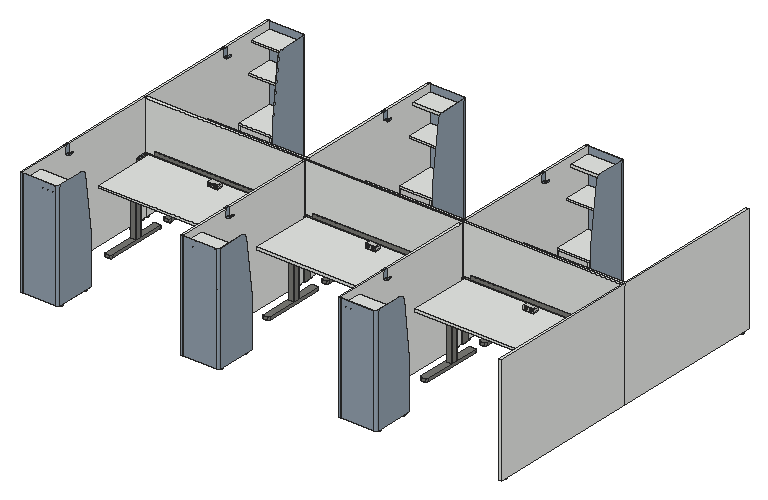
Revit family "Layout-Teknion-Expansion_Cityline_Height_Adjustable_Workstation_10-R2021", category Furniture Systems, Revit 2021 (continued)
Definition of nested family "Screen-Teknion-JNSFST_Floor_Screen_Leg_Mounted_Two_Users-R2020"
  Parameters (values of type "42" Datum Height, No Pass-Through")
    Screen Finish [instance] = none
    Radius Corner [instance] = no
    Product Page URL = "https://www.teknion.com/ca/products/product-details?productLineId=9ad2a26e-8e7a-673b-a6c8-ff05004460c4"
    Product Line = "Leg-Mounted Screens"  # constant formula
    Product Documentation Link = "https://www.teknion.com/pricing/expansion-cityline/pdfs/JNSFST_ppg.pdf"
    Part Number = "JNSFST"  # constant formula
    Model = "JNSFST42__N"
    Manufacturer Phone = "416-661-3370"  # constant formula
    Manufacturer Fax = "416.661.4586"  # constant formula
    Manufacturer Contact Information = "http://www.teknion.com/ca/contactus"
    Manufacturer Address = "1150 Flint Road, Toronto, ON. M3J 2J5. Canada"  # constant formula
    Manufacturer = "Teknion"  # constant formula
    How To Use Teknion Materials User Guide [instance] = "https://assets.teknion.com/m/205dd0a49fa58060/original/How-to-add-a-Material-Library-and-Texture-Images-to-your-Revit-project.pdf"
    Hardware Finish [instance] = none
    For Additional Finishes please visit [instance] = "https://assets.teknion.com/m/44a8009b046e5d47/original/Teknion_Materials_Library.zip"
    Description = "Floor Screen - Leg-Mounted - Two Users - 42\" Datum Height, No Pass-Through"
    Default Elevation = 0.000"
    Datum Height = 42.000"
    Cut-Out - Pass-Through = if([Standard-Height Pass-Through], 3.500", 0.500")  # 0.500"
    Corner Detail Option [instance] = "Select Corner Detail Option. Standard Corner is Default."  # constant formula
    Available Width [instance] = "36, 48, 60, 72, 84, 96, 108, 120, 132, 144, 156 & 168 Inch"  # constant formula
    Assembly Code = "E2020200"
  Types (7): name | Standard-Height Pass-Through | Model | Description | Datum Height | Cut-Out - Pass-Through
    (no name) | no | "JNSFST42__N" | "Floor Screen - Leg-Mounted - Two Users - 42\" Datum Height, No Pass-Through" | 42.000" | 0.500"
    42" Datum Height, No Pass-Through | no | "JNSFST42__N" | "Floor Screen - Leg-Mounted - Two Users - 42\" Datum Height, No Pass-Through" | 42.000" | 0.500"
    42" Datum Height, Standard-Height Pass-Through | yes | "JNSFST42__S" | "Floor Screen - Leg-Mounted - Two Users - 42\" Datum Height, Standard-Height Pass-Through" | 42.000" | 3.500"
    51" Datum Height, Standard-Height Pass-Through | yes | "JNSFST51__S" | "Floor Screen - Leg-Mounted - Two Users - 51\" Datum Height, Standard-Height Pass-Through" | 51.000" | 3.500"
    51" Datum Height, No Pass-Through | no | "JNSFST51__N" | "Floor Screen - Leg-Mounted - Two Users - 51\" Datum Height, No Pass-Through" | 51.000" | 0.500"
    57" Datum Height, No Pass-Through | no | "JNSFST57__N" | "Floor Screen - Leg-Mounted - Two Users - 57\" Datum Height, No Pass-Through" | 57.000" | 0.500"
    57" Datum Height, Standard-Height Pass-Through | yes | "JNSFST57__S" | "Floor Screen - Leg-Mounted - Two Users - 57\" Datum Height, Standard-Height Pass-Through" | 57.000" | 3.500"
  Reference planes (in)
    plane 1 "Center Front/Back": y = -0.21063
    plane 2: z = 0
    plane 3 "Center Left/Right": x = 0
    plane 4 "Left": x = -84
    plane 5 "Right": x = 84
    plane 6 "Back": y = 1.01575
    plane 7 "Front": y = -1.43701
    plane 8 "Top": z = 42
    plane 9: z = 0.60236
  Forms (in)
    Sweep 1, solid, material <- "Screen Finish", visible <- "Radius Corner"
      path origin (0, 0, 0) x (1, 0, 0) y (0, 1, 0)
        loop
          line (0, 1.01575) -> (0, 0)
      profile origin (0, 0.50787, 0) x (1, 0, 0) y (0, 0, 1)
        loop
          arc (-82, 42) -> (-83.41421, 41.41421) -> (-84, 40) r 2
          line (-84, 40) -> (-84, 2.60236)
          arc (-84, 2.60236) -> (-83.41421, 1.18815) -> (-82, 0.60236) r 2
          line (-82, 0.60236) -> (0, 0.60236) -> (0, 42) -> (-82, 42)
    Sweep 2, solid, material <- "Screen Finish", visible <- "Radius Corner"
      path origin (0, 0, 0) x (1, 0, 0) y (0, 1, 0)
        loop
          line (0, 1.01575) -> (0, 0)
      profile origin (0, 0.50787, 0) x (1, 0, 0) y (0, 0, 1)
        loop
          arc (84, 40) -> (83.41421, 41.41421) -> (82, 42) r 2
          line (82, 42) -> (0, 42) -> (0, 0.60236) -> (82, 0.60236)
          arc (82, 0.60236) -> (83.41421, 1.18815) -> (84, 2.60236) r 2
          line (84, 2.60236) -> (84, 40)
    Sweep 3, solid
      path origin (0, -0.21063, 0) x (1, 0, 0) y (0, 0, 1)
        loop
          line (0, 0.60236) -> (0, 0)
      profile origin (0, -0.21063, 0.30118) x (0, -1, 0) y (1, 0, 0)
        loop
          circle (-0.7185, 81) r 0.5
        loop
          circle (-0.7185, -81) r 0.5
    Sweep 4, void
      path origin (0, 0, 0) x (1, 0, 0) y (0, 1, 0)
        loop
          line (0, -1.43701) -> (0, -0.93701)
      profile origin (0, -1.18701, 0) x (-1, 0, 0) y (0, 0, 1)
        loop
          arc (0.81496, 16.88583) -> (0.93027, 16.60744) -> (1.20866, 16.49213) r 0.3937
          line (1.20866, 16.49213) -> (3.05906, 16.49213)
          arc (3.05906, 16.49213) -> (3.33744, 16.60744) -> (3.45276, 16.88583) r 0.3937
          line (3.45276, 16.88583) -> (3.45276, 22.41732)
          arc (3.45276, 22.41732) -> (3.33744, 22.69571) -> (3.05906, 22.81102) r 0.3937
          line (3.05906, 22.81102) -> (1.20866, 22.81102)
          arc (1.20866, 22.81102) -> (0.93027, 22.69571) -> (0.81496, 22.41732) r 0.3937
          line (0.81496, 22.41732) -> (0.81496, 16.88583)
    Sweep 5, solid, material <- "Screen Finish", visible <- "Standard Corner"
      path origin (0, 0, 0) x (1, 0, 0) y (0, 1, 0)
        loop
          line (0, 1.01575) -> (0, 0)
      profile origin (0, 0.50787, 0) x (1, 0, 0) y (0, 0, 1)
        loop
          line (-84, 42) -> (-84, 0.60236) -> (0, 0.60236) -> (0, 42) -> (-84, 42)
    Sweep 6, solid, material <- "Screen Finish", visible <- "Standard Corner"
      path origin (0, 0, 0) x (1, 0, 0) y (0, 1, 0)
        loop
          line (0, 1.01575) -> (0, 0)
      profile origin (0, 0.50787, 0) x (1, 0, 0) y (0, 0, 1)
        loop
          line (0, 42) -> (0, 0.60236) -> (84, 0.60236) -> (84, 42) -> (0, 42)
    Sweep 7, solid, visible <- "Standard-Height Pass-Through"
      path origin (-64.19161, 1.01575, 48) x (-1, 0, 0) y (0, 0, 1)
        loop
          arc (-61.13255, -31.50787) -> (-60.85416, -31.39256) -> (-60.73885, -31.11417) r 0.3937
          line (-60.73885, -31.11417) -> (-60.73885, -25.58268)
          arc (-60.73885, -25.58268) -> (-60.85416, -25.30429) -> (-61.13255, -25.18898) r 0.3937
          line (-61.13255, -25.18898) -> (-62.98294, -25.18898)
          arc (-62.98294, -25.18898) -> (-63.26133, -25.30429) -> (-63.37664, -25.58268) r 0.3937
          line (-63.37664, -25.58268) -> (-63.37664, -31.11417)
          arc (-63.37664, -31.11417) -> (-63.26133, -31.39256) -> (-62.98294, -31.50787) r 0.3937
          line (-62.98294, -31.50787) -> (-61.13255, -31.50787)
      profile origin (-2.13386, 1.01575, 16.49213) x (0, 0, -1) y (0, 1, 0)
        loop
          line (-0.22524, -1.05512) -> (-0.02953, -1.05512)
          arc (-0.02953, -1.05512) -> (0.01449, -1.04473) -> (0.04921, -1.01575) r 0.09843
          line (0.04921, -1.01575) -> (-0.06024, -1.01575) -> (-0.06024, 0) -> (0.04921, 0)
          arc (0.04921, 0) -> (0.01449, 0.02898) -> (-0.02953, 0.03937) r 0.09843
          line (-0.02953, 0.03937) -> (-0.22524, 0.03937) -> (-0.22524, -1.05512)
    Sweep 8, solid, material <- "Hardware Finish"
      path origin (0, 0, 0) x (1, 0, 0) y (0, 1, 0)
        loop
          line (-5.16929, -0.21063) -> (5.16929, -0.21063)
      profile origin (0, -0.21063, 0) x (0, 1, 0) y (0, 0, 1)
        loop
          line (-1.22638, 27.76811) -> (-1.22638, 27.69291) -> (0.13543, 27.69291) -> (0.13543, 22.73228) -> (-1.04921, 22.73228) -> (-1.04921, 22.65709) -> (0.21063, 22.65709) -> (0.21063, 27.76811) -> (-1.22638, 27.76811)
    Sweep 9, void
      path origin (0, -0.21063, 0) x (1, 0, 0) y (0, 0, 1)
        loop
          line (0, 28.19291) -> (0, 27.69291)
      profile origin (0, -0.21063, 27.94291) x (0, -1, 0) y (1, 0, 0)
        loop
          line (-0.21063, -3.83071) -> (1.22638, -3.83071) -> (1.22638, 3.83071) -> (-0.21063, 3.83071) -> (-0.21063, -3.83071)
    Sweep 10, void
      path origin (0, -0.21063, 0) x (1, 0, 0) y (0, 0, 1)
        loop
          line (0, 22.73228) -> (0, 22.23228)
      profile origin (0, -0.21063, 22.48228) x (0, -1, 0) y (1, 0, 0)
        loop
          line (1.04921, -3.14961) -> (-0.21063, -3.14961) -> (-0.21063, -5.16929) -> (1.04921, -5.16929) -> (1.04921, -3.14961)
        loop
          line (-0.21063, 3.14961) -> (1.04921, 3.14961) -> (1.04921, 5.16929) -> (-0.21063, 5.16929) -> (-0.21063, 3.14961)
  Cuts and joins
    Sweep 4 cuts Sweep 1
    Sweep 4 cuts Sweep 5
    Sweep 9, Sweep 10 cuts Sweep 8
  Lines and regions (in)
    Masking region 1
      outline origin (0, 0, 0) x (1, 0, 0) y (0, 1, 0)
        loop
          line (-84, 1.01575) -> (-84, 0) -> (-5.16929, 0) -> (-5.16929, -1.43701) -> (-3.83071, -1.43701) -> (-3.83071, -0.0752) -> (-3.14961, -0.0752) -> (-3.14961, -1.25984) -> (3.14961, -1.25984) -> (3.14961, -0.0752) -> (3.83071, -0.0752) -> (3.83071, -1.43701) -> (5.16929, -1.43701) -> (5.16929, 0) -> (84, 0) -> (84, 1.01575) -> (0, 1.01575) -> (-84, 1.01575)
    Masking region 2, visible <- "Standard-Height Pass-Through"
      outline origin (0, 0, 0) x (1, 0, 0) y (0, 1, 0)
        loop
          line (-0.84449, 1.05512) -> (-3.42323, 1.05512)
          arc (-3.42323, 1.05512) -> (-3.46725, 1.04473) -> (-3.50197, 1.01575) r 0.09843
          line (-3.50197, 1.01575) -> (-0.76575, 1.01575)
          arc (-0.76575, 1.01575) -> (-0.80047, 1.04473) -> (-0.84449, 1.05512) r 0.09843
    symbolic lines
      curve 1: line (-84, 0, 0) -> (0, 0, 0)
      curve 2: line (0, 1.01575, 0) -> (0, 0, 0)
      curve 3: line (0, 0, 0) -> (84, 0, 0)
      curve 4: line (-3.83071, 0, 0) -> (-3.83071, -1.43701, 0)
      curve 5: line (3.83071, -1.43701, 0) -> (3.83071, 0, 0)
      curve 6: line (-3.83071, -0.0752, 0) -> (3.83071, -0.0752, 0)
    symbolic lines, detail levels medium+fine
      curve 7: line (-3.83071, -0.0752, 0) -> (-5.16929, -0.0752, 0)
      curve 8: line (3.83071, -0.0752, 0) -> (5.16929, -0.0752, 0)
      curve 9: line (3.14961, 0, 0) -> (3.14961, -0.0752, 0)
      curve 10: line (-3.14961, 0, 0) -> (-3.14961, -0.0752, 0)
    symbolic lines, detail levels fine
      curve 11: arc (-81, 0.00787, 0) -> (-80.5, 0.50787, 0) -> (-81, 1.00787, 0) r 0.5
      curve 12: arc (-81, 1.00787, 0) -> (-81.5, 0.50787, 0) -> (-81, 0.00787, 0) r 0.5
      curve 13: arc (81, 0.00787, 0) -> (81.5, 0.50787, 0) -> (81, 1.00787, 0) r 0.5
      curve 14: arc (81, 1.00787, 0) -> (80.5, 0.50787, 0) -> (81, 0.00787, 0) r 0.5
    symbolic lines, visible <- "Standard-Height Pass-Through", detail levels medium+fine
      curve 15: line (-3.42323, -0.03937, 0) -> (-0.84449, -0.03937, 0)
      curve 16: line (-3.22752, 1.05512, 0) -> (-3.22752, -0.03937, 0)
      curve 17: line (-3.39252, 1.01575, 0) -> (-3.39252, 0.01575, 0)
      curve 18: line (-1.0402, 1.05512, 0) -> (-1.0402, -0.03937, 0)
      curve 19: line (-0.8752, 1.01575, 0) -> (-0.8752, 0, 0)
      curve 20: arc (-3.42323, -0.03937, 0) -> (-3.46725, -0.02898, 0) -> (-3.50197, 0, 0) r 0.09843
      curve 21: arc (-0.76575, 0, 0) -> (-0.80047, -0.02898, 0) -> (-0.84449, -0.03937, 0) r 0.09843
    symbolic lines, visible <- "Standard-Height Pass-Through", detail levels fine
      curve 22: line (-0.67066, 1.01575, 0) -> (-0.67066, 0, 0)
      curve 23: line (-3.618, 1.01575, 0) -> (-3.618, 0, 0)
    reference lines
      curve 24: line (-84, -1.43701, 0) -> (84, -1.43701, 0)
      curve 25: line (-84, 1.01575, 0) -> (84, 1.01575, 0)
      curve 26: line (84, 1.01575, 0) -> (84, -1.43701, 0)
      curve 27: line (-84, 1.01575, 0) -> (-84, -1.43701, 0)
  Dimensions and locks (in)
    "Width": plane 4 "Left" to plane 5 "Right"
    locked: plane 6 "Back" to plane 7 "Front" at 2.45276
    "Datum Height": plane 8 "Top" to level
    equal spacing: plane 7 "Front", plane 1 "Center Front/Back", plane 6 "Back"
    equal spacing: plane 4 "Left", plane 3 "Center Left/Right", plane 5 "Right"
    locked: plane 9 to plane 2 at 0.60236
    locked: plane 6 "Back" to Sweep 1 sketch curve at 1.01575
    locked: Sweep 1 sketch curve to plane 4 "Left" at 2  (x2)
    locked: plane 8 "Top" to Sweep 1 sketch curve at 2
    locked: Sweep 1 sketch curve to plane 9 at 2
    locked: plane 6 "Back" to Sweep 2 sketch curve at 1.01575
    locked: plane 8 "Top" to Sweep 2 sketch curve at 2
    locked: Sweep 2 sketch curve to plane 9 at 2
    locked: Sweep 2 sketch curve to plane 5 "Right" at 2  (x2)
    locked: plane 4 "Left" to Sweep 3 sketch curve at 3
    locked: plane 6 "Back" to Sweep 3 sketch curve at 0.50787  (x2)
    locked: Sweep 3 sketch curve to plane 5 "Right" at 3
    "Cut-Out - Pass-Through": plane 7 "Front" to Sweep 4 sketch curve
    plane 3 "Center Left/Right" to Sweep 4 sketch curve to Sweep 4 sketch curve = 0.81496" locked, 2.6378" locked
    Sweep 4 sketch curve to Sweep 4 sketch curve to plane 2 = 6.3189" locked, 16.49213" locked
    locked: plane 6 "Back" to Sweep 5 sketch curve at 1.01575
    locked: plane 6 "Back" to Sweep 6 sketch curve at 1.01575
    Sweep 7 sketch curve to plane 6 "Back" to Sweep 7 sketch curve to Sweep 7 sketch curve = 0.03937" locked, 1.01575" locked, 0.03937" locked
    Sweep 7 sketch curve to Sweep 7 sketch curve to Sweep 7 sketch curve to Sweep 7 sketch curve to plane 2 = 0.165" locked, 0.03071" locked, 0.07874" locked, 16.44291" locked
    Sweep 7 sketch curve to Sweep 7 sketch curve to Sweep 7 sketch curve = 0.19571" locked, 0.07874" locked
    Sweep 8 sketch curve to plane 3 "Center Left/Right" to Sweep 8 sketch curve = 5.16929" locked, 5.16929" locked
    Sweep 8 sketch curve to Sweep 8 sketch curve to Sweep 8 sketch curve to plane 7 "Front" = 0.0752" locked, 1.18465" locked, 0.17717" locked
    Sweep 8 sketch curve to Sweep 8 sketch curve to Sweep 8 sketch curve to Sweep 8 sketch curve to plane 2 = 0.0752" locked, 4.96063" locked, 0.0752" locked, 22.65709" locked
    locked: plane 7 "Front" to Sweep 9 sketch curve at 1.43701
    Sweep 9 sketch curve to plane 3 "Center Left/Right" to Sweep 9 sketch curve = 3.83071" locked, 3.83071" locked
    Sweep 9 sketch curve to Sweep 9 sketch curve to plane 2 = 0.500" locked, 27.69291" locked
    Sweep 10 sketch curve to Sweep 10 sketch curve to plane 2 = 0.500" locked, 22.23228" locked
    Sweep 10 sketch curve to Sweep 10 sketch curve to plane 3 "Center Left/Right" to Sweep 10 sketch curve to Sweep 10 sketch curve = 2.01969" locked, 3.14961" locked, 3.14961" locked, 2.01969" locked
    plane 7 "Front" to Sweep 10 sketch curve to Sweep 10 sketch curve = 0.17717" locked, 1.25984" locked  (x2)
    Masking region 2 sketch curve to Masking region 2 sketch curve to Masking region 2 sketch curve to Masking region 2 sketch curve to plane 3 "Center Left/Right" = 0.07874" locked, 2.57874" locked, 0.07874" locked, 0.76575" locked
    locked: plane 6 "Back" to nested 1 at 0.50787
    locked: plane 6 "Back" to nested 2 at 0.50787
    equal spacing: plane 4 "Left", nested 1, plane 3 "Center Left/Right"
    equal spacing: plane 3 "Center Left/Right", nested 2, plane 5 "Right"
    aligned and locked: level to plane 2
    aligned and locked: plane 6 "Back" to Sweep 1 sketch curve
    aligned and locked: Sweep 1 sketch curve to plane 3 "Center Left/Right"  (x2)
    aligned and locked: Sweep 1 sketch curve to plane 8 "Top"
    aligned and locked: plane 4 "Left" to Sweep 1 sketch curve
    aligned and locked: Sweep 2 sketch curve to plane 3 "Center Left/Right"  (x2)
    aligned and locked: plane 6 "Back" to Sweep 2 sketch curve
    aligned and locked: Sweep 2 sketch curve to plane 8 "Top"
    aligned and locked: plane 5 "Right" to Sweep 2 sketch curve
    aligned and locked: plane 9 to Sweep 2 sketch curve
    aligned and locked: plane 9 to Sweep 3 sketch curve
    aligned and locked: plane 2 to Sweep 3 sketch curve
    aligned and locked: Sweep 3 sketch curve to plane 3 "Center Left/Right"
    aligned and locked: Sweep 4 sketch curve to plane 3 "Center Left/Right"
    aligned and locked: plane 7 "Front" to Sweep 4 sketch curve
    aligned and locked: Sweep 5 sketch curve to plane 3 "Center Left/Right"  (x2)
    aligned and locked: plane 6 "Back" to Sweep 5 sketch curve
    aligned and locked: Sweep 5 sketch curve to plane 9
    aligned and locked: plane 4 "Left" to Sweep 5 sketch curve
    aligned and locked: Sweep 5 sketch curve to plane 8 "Top"
    aligned and locked: Sweep 6 sketch curve to plane 3 "Center Left/Right"  (x2)
    aligned and locked: plane 6 "Back" to Sweep 6 sketch curve
    aligned and locked: Sweep 6 sketch curve to plane 8 "Top"
    aligned and locked: Sweep 6 sketch curve to plane 9
    aligned and locked: plane 5 "Right" to Sweep 6 sketch curve
    aligned and locked: Sweep 7 sketch curve to cut or joined group of Sweep 4, Sweep 5  (x4)
    aligned and locked: plane 6 "Back" to Sweep 7 sketch curve
    aligned and locked: plane 1 "Center Front/Back" to Sweep 8 sketch curve
    aligned and locked: Sweep 8 sketch curve to plane 7 "Front"
    aligned and locked: Sweep 9 sketch curve to plane 3 "Center Left/Right"
    aligned and locked: Sweep 9 sketch curve to plane 7 "Front"
    aligned and locked: Sweep 10 sketch curve to plane 3 "Center Left/Right"
    aligned and locked: Masking region 1 sketch curve to cut or joined group of Sweep 4, Sweep 5  (x3)
    aligned and locked: Masking region 1 sketch curve to Sweep 6  (x2)
    aligned and locked: Masking region 1 sketch curve to cut or joined group of Sweep 8, Sweep 9, Sweep 10  (x7)
    aligned and locked: cut or joined group of Sweep 8, Sweep 9, Sweep 10 to Masking region 1 sketch curve  (x4)
    aligned and locked: Sweep 6 to Masking region 1 sketch curve
    aligned and locked: curve 2 to Sweep 6
    aligned and locked: curve 3 to Sweep 6
    aligned and locked: curve 5 to cut or joined group of Sweep 8, Sweep 9, Sweep 10
    aligned and locked: cut or joined group of Sweep 8, Sweep 9, Sweep 10 to curve 6
    aligned and locked: cut or joined group of Sweep 8, Sweep 9, Sweep 10 to curve 8
    aligned and locked: curve 7 to cut or joined group of Sweep 8, Sweep 9, Sweep 10
    aligned and locked: curve 9 to Masking region 1
    aligned and locked: curve 10 to Masking region 1
    aligned and locked: curve 11 to Sweep 3
    aligned and locked: curve 12 to Sweep 3
    aligned and locked: curve 13 to Sweep 3
    aligned and locked: curve 14 to Sweep 3
    aligned and locked: Masking region 2 sketch curve to Sweep 7  (x2)
    aligned and locked: curve 15 to Sweep 7
    aligned and locked: curve 17 to Sweep 7
    aligned and locked: curve 16 to Sweep 7
    aligned and locked: curve 19 to Sweep 7
    aligned and locked: curve 18 to Sweep 7
    aligned and locked: curve 24 to plane 7 "Front"
    aligned and locked: curve 25 to plane 6 "Back"
    aligned and locked: curve 26 to plane 5 "Right"
    aligned and locked: curve 27 to plane 4 "Left"
  Automatic sketch dimensions
    Sweep 4 sketch curve to Sweep 4 sketch curve = 0.3937"  (x4)
    Masking region 1 sketch curve to plane 3 "Center Left/Right" = 0.000"
    curve 1 to plane 4 "Left" = 0.000"
    plane 7 "Front" to curve 4 = 0.000"
    curve 23 to plane 6 "Back" = 0.000"
    curve 22 to plane 6 "Back" = 0.000"
    curve 3 to plane 5 "Right" = 0.000"
    plane 7 "Front" to curve 5 = 0.000"
    curve 17 to plane 6 "Back" = 0.000"
    curve 2 to plane 6 "Back" = 0.000"
    curve 19 to plane 6 "Back" = 0.000"
    curve 20 to curve 17 = 0.03071"
    curve 19 to curve 15 = 0.03071"
    curve 19 to curve 21 = 0.05906"
    curve 20 to curve 20 = 0.09843"
    curve 11 to curve 11 = 0.000"
    curve 12 to curve 11 = 0.000"
    curve 7 to curve 20 = 1.66732"
    curve 4 to curve 15 = 0.40748"
    curve 6 to curve 8 = 1.33858"
    curve 13 to curve 13 = 0.000"  (x2)
    curve 17 to curve 20 = 0.04331"
    plane 6 "Back" to curve 16 = 0.03937"
    plane 6 "Back" to curve 18 = 0.03937"
    curve 23 to curve 17 = 0.22548"
    curve 19 to curve 22 = 0.20454"
    radius of Sweep 3 sketch curve = 0.500"  (x2)
  Nested families (in)
    nested 1: "Teknion_2D_Node_Family-R2016" at (-42, 0.50787, 0), type "Teknion_2D_Node_Family-R2016"
    nested 2: "Teknion_2D_Node_Family-R2016" at (42, 0.50787, 0), type "Teknion_2D_Node_Family-R2016"
  Definition of nested family "Teknion_2D_Node_Family-R2016"
    Reference planes (in)
      plane 1 "Center (Front/Back)": y = 0
      plane 2: z = 0
      plane 3 "Center (Left/Right)": x = 0
    Lines and regions (in)
      detail lines, in view "Ref. Level"
        curve 1: circle (0, 0, 0) r 1.25 normal (0, 0, 1)
        curve 2: line (1.91508, -1.91508, 0) -> (-1.91508, 1.91508, 0)
        curve 3: line (-1.91508, -1.91508, 0) -> (1.91508, 1.91508, 0)
Definition of nested family "Support-Teknion-JNXRMH_hiSpace_Quick_Connect_Height_Adjustable_Mechanism_Rectangular-R2021"
  Parameters (values of type "Extended Electric – with Riser, 23" Depth, Standard Width Configuration")
    Width Configuration Length = if(User Optimized Width, 1.680", 4.680")  # 4.680"
    Width [instance] = 70.000"
    Warranty = "http://www.teknion.com/ca/papers/legal-canada"
    User Optimized Width = no
    Unit Weight URL = "http://www.teknion.com/ca/tools/assets#&asset=bee6a381-b954-425e-8283-5a2de3a804f2,f828d448-4b62-4231-9e5f-9a8991c0ed77"
    URL = "www.teknion.com"
    To render please download texture images found here [instance] = "https://assets.teknion.com/web/5e81352c1dfdb467/revit-material-swatches/"
    Sustainability Data = "https://www.teknion.com/ca/tools/assets#&topic=216f99a5-57a0-44fc-b10a-9dee9b29ae4c&asset=444deb64-fe58-4b68-981e-f75e97781df7,b4ff2d81-9f2e-437d-9659-7cffb09c31cf"
    Standard Width = yes
    Series = "Expansion Cityline"  # constant formula
    Product Page URL = "https://www.teknion.com/ca/products/product-details?productLineId=9ad2a26e-8e7a-673b-a6c8-ff05004460c4"
    Product Line = "Height-Adjustability"  # constant formula
    Product Documentation Link = "https://www.teknion.com/pricing/expansion-cityline/pdfs/JNXRMH_ppg.pdf"
    Powerbar [instance] = yes
    Part Number = "JNXRMH"  # constant formula
    Model = "JNXRMHCC9U23__S"
    Manufacturer Phone = "416-661-3370"  # constant formula
    Manufacturer Fax = "416.661.4586"  # constant formula
    Manufacturer Contact Information = "http://www.teknion.com/ca/contactus"
    Manufacturer Address = "1150 Flint Road, Toronto, ON. M3J 2J5. Canada"  # constant formula
    Manufacturer = "Teknion"  # constant formula
    How To Use Teknion Materials User Guide [instance] = "https://assets.teknion.com/m/205dd0a49fa58060/original/How-to-add-a-Material-Library-and-Texture-Images-to-your-Revit-project.pdf"
    For Additional Finishes please visit [instance] = "https://assets.teknion.com/m/44a8009b046e5d47/original/Teknion_Materials_Library.zip"
    Description = "hiSpace Quick Connect Height-Adjustable Mechanism – Rectangular, Extended Electric – with Rise, 23\" Depth, Standard Width Configuration"
    Depth = 23.000"
    Default Elevation = 0.000"
    Base Mechanism(Height) [instance] = 27.811"
    Base Finish [instance] = none
    Available Width [instance] = "46,49,52,55,58,61,64,67,70 inch"  # constant formula
    Available Base Mechanism(Height) [instance] = "25 -51.1  inches"
    Assembly Code = "E2020200"
  Types (9): name | Width Configuration Length | Width | User Optimized Width | Standard Width | Model | Description | Depth | Available Base Mechanism(Height)
    (no name) | 4.680" | 70.000" | no | yes | "JNXRMHCC9U23__S" | "hiSpace Quick Connect Height-Adjustable Mechanism – Rectangular, Extended Electric – with Rise, 23\" Depth, Standard Width Configuration" | 23.000" | "25 -51.1  inches"
    Extended Electric – Extended, 23" Depth, Standard Width Configuration | 4.680" | 46.000" | no | yes | "JNXRMHCC9E23__S" | "hiSpace Quick Connect Height-Adjustable Mechanism – Rectangular, Extended Electric – Extended, 23\" Depth, Standard Width Configuration" | 23.000" | "22.6 -48.7 inches"
    Extended Electric – Extended, 29" Depth, Standard Width Configuration | 4.680" | 46.000" | no | yes | "JNXRMHCC9E29__S" | "hiSpace Quick Connect Height-Adjustable Mechanism – Rectangular, Extended Electric – Extended, 29\" Depth, Standard Width Configuration" | 29.000" | "22.6 -48.7 inches"
    Extended Electric – with Riser, 23" Depth, Standard Width Configuration | 4.680" | 70.000" | no | yes | "JNXRMHCC9U23__S" | "hiSpace Quick Connect Height-Adjustable Mechanism – Rectangular, Extended Electric – with Rise, 23\" Depth, Standard Width Configuration" | 23.000" | "25 -51.1  inches"
    Extended Electric – with Riser, 29" Depth, Standard Width Configuration | 4.680" | 70.000" | no | yes | "JNXRMHCC9U29__S" | "hiSpace Quick Connect Height-Adjustable Mechanism – Rectangular, Extended Electric – with Rise, 29\" Depth, Standard Width Configuration" | 29.000" | "25 -51.1  inches"
    Extended Electric – Extended, 23" Depth, User Optimized Width Configuration | 1.680" | 70.000" | yes | no | "JNXRMHCC9E23__U" | "hiSpace Quick Connect Height-Adjustable Mechanism – Rectangular, Extended Electric – Extended, 23\" Depth, User Optimized Width Configuration" | 23.000" | "22.6 -48.7 inches"
    Extended Electric – Extended, 29" Depth, User Optimized Width Configuration | 1.680" | 70.000" | yes | no | "JNXRMHCC9E29__U" | "hiSpace Quick Connect Height-Adjustable Mechanism – Rectangular, Extended Electric – Extended, 29\" Depth, User Optimized Width Configuration" | 29.000" | "22.6 -48.7 inches"
    Extended Electric – with Riser, 23" Depth, User Optimized Width Configuration | 1.680" | 70.000" | yes | no | "JNXRMHCC9U23__U" | "hiSpace Quick Connect Height-Adjustable Mechanism – Rectangular, Extended Electric – with Rise, 23\" Depth, User Optimized Width Configuration" | 23.000" | "25 -51.1  inches"
    Extended Electric – with Riser, 29" Depth, User Optimized Width Configuration | 1.680" | 70.000" | yes | no | "JNXRMHCC9U29__U" | "hiSpace Quick Connect Height-Adjustable Mechanism – Rectangular, Extended Electric – with Rise, 29\" Depth, User Optimized Width Configuration" | 29.000" | "25 -51.1  inches"
  Reference planes (in)
    plane 1 "Center Front/Back": y = -0.15748
    plane 2: z = 0
    plane 3 "Center Left/Right": x = 0
    plane 4 "Left": x = -30.32
    plane 5 "Right": x = 30.32
    plane 6 "Back": y = 11.5
    plane 7 "Front": y = -11.81496
    plane 8 "Top": z = 27.811
    plane 9: y = 10.28474
    plane 10: y = -10.28354
    plane 11: x = 35
    plane 12: x = -35
    plane 13: y = -11.5
    plane 14: z = 25.96061
    plane 15: z = 22.37007
    plane 16: z = 18.77953
  Forms (in)
    Sweep 1, solid, material <- "Base Finish"
      path origin (-5.98557, 4.01679, 0.13456) x (1, 0, 0) y (0, 0, 1)
        loop
          line (-22.03054, 1.33001) -> (-22.03054, 0.14103)
      profile origin (-28.0161, 4.01679, 0.87008) x (0, -1, 0) y (1, 0, 0)
        loop
          arc (-7.48321, -0.98425) -> (-7.2964, -1.43524) -> (-6.84541, -1.62205) r 0.6378
          line (-6.84541, -1.62205) -> (14.879, -1.62205)
          arc (14.879, -1.62205) -> (15.32999, -1.43524) -> (15.51679, -0.98425) r 0.6378
          line (15.51679, -0.98425) -> (15.51679, 0.98425)
          arc (15.51679, 0.98425) -> (15.32999, 1.43524) -> (14.879, 1.62205) r 0.6378
          line (14.879, 1.62205) -> (-6.84541, 1.62205)
          arc (-6.84541, 1.62205) -> (-7.2964, 1.43524) -> (-7.48321, 0.98425) r 0.6378
          line (-7.48321, 0.98425) -> (-7.48321, -0.98425)
    Sweep 2, solid, material <- "Base Finish"
      path origin (-6.00525, 1.86031, 0) x (1, 0, 0) y (0, 0, 1)
        loop
          line (-22.03054, 18.77953) -> (-22.03054, 1.46457)
      profile origin (-28.03579, 1.86031, 10.12205) x (0, -1, 0) y (1, 0, 0)
        loop
          arc (1.35827, 1.22047) -> (1.31791, 1.31791) -> (1.22047, 1.35827) r 0.1378
          line (1.22047, 1.35827) -> (-1.22047, 1.35827)
          arc (-1.22047, 1.35827) -> (-1.31791, 1.31791) -> (-1.35827, 1.22047) r 0.1378
          line (-1.35827, 1.22047) -> (-1.35827, -1.22047)
          arc (-1.35827, -1.22047) -> (-1.31791, -1.31791) -> (-1.22047, -1.35827) r 0.1378
          line (-1.22047, -1.35827) -> (1.22047, -1.35827)
          arc (1.22047, -1.35827) -> (1.31791, -1.31791) -> (1.35827, -1.22047) r 0.1378
          line (1.35827, -1.22047) -> (1.35827, 1.22047)
    Sweep 3, solid, material <- "Base Finish"
      path origin (-5.98557, 1.88, 0) x (1, 0, 0) y (0, 0, 1)
        loop
          line (-22.08443, 22.37007) -> (-22.08443, 18.77953)
      profile origin (-28.07, 1.88, 20.5748) x (0, -1, 0) y (1, 0, 0)
        loop
          arc (1.0748, -1.11933) -> (1.1444, -1.0905) -> (1.17323, -1.02091) r 0.09843
          line (1.17323, -1.02091) -> (1.17323, 1.1287)
          arc (1.17323, 1.1287) -> (1.1444, 1.1983) -> (1.0748, 1.22713) r 0.09843
          line (1.0748, 1.22713) -> (-1.07087, 1.22713)
          arc (-1.07087, 1.22713) -> (-1.143, 1.1997) -> (-1.17323, 1.1287) r 0.0985
          line (-1.17323, 1.1287) -> (-1.17323, -1.02091)
          arc (-1.17323, -1.02091) -> (-1.1444, -1.0905) -> (-1.0748, -1.11933) r 0.09843
          line (-1.0748, -1.11933) -> (1.0748, -1.11933)
    Sweep 4, solid, material <- "Base Finish"
      path origin (-5.98557, 1.88, 0) x (1, 0, 0) y (0, 0, 1)
        loop
          line (-22.03054, 25.96061) -> (-22.03054, 22.37007)
      profile origin (-28.0161, 1.88, 24.16534) x (0, -1, 0) y (1, 0, 0)
        loop
          arc (0.98425, 0.88583) -> (0.95542, 0.95542) -> (0.88583, 0.98425) r 0.09843
          line (0.88583, 0.98425) -> (-0.88583, 0.98425)
          arc (-0.88583, 0.98425) -> (-0.95542, 0.95542) -> (-0.98425, 0.88583) r 0.09843
          line (-0.98425, 0.88583) -> (-0.98425, -0.88583)
          arc (-0.98425, -0.88583) -> (-0.95542, -0.95542) -> (-0.88583, -0.98425) r 0.09843
          line (-0.88583, -0.98425) -> (0.88583, -0.98425)
          arc (0.88583, -0.98425) -> (0.95542, -0.95542) -> (0.98425, -0.88583) r 0.09843
          line (0.98425, -0.88583) -> (0.98425, 0.88583)
    Sweep 5, solid, material <- "Base Finish"
      path origin (0, 0, 0) x (1, 0, 0) y (0, 1, 0)
        loop
          line (-30.32, 3.77961) -> (-30.32, -0.01961)
      profile origin (-30.32, 1.88, 0) x (1, 0, 0) y (0, 0, 1)
        loop
          line (0, 27.811) -> (0, 26.11809)
          arc (0, 26.11809) -> (0.04612, 26.00673) -> (0.15748, 25.96061) r 0.15748
          line (0.15748, 25.96061) -> (7.55161, 25.96061)
          arc (7.55161, 25.96061) -> (7.64747, 25.99315) -> (7.70372, 26.07733) r 0.15748
          line (7.70372, 26.07733) -> (8.11024, 27.59446) -> (8.66142, 27.59446) -> (8.66142, 27.811) -> (0, 27.811)
    Revolve 6, solid
      sketch origin (-26.00182, -10.28354, 48) x (-1, 0, 0) y (0, 0, 1)
        loop
          line (2.01429, -47.72441) -> (1.85728, -47.72441) -> (1.85728, -47.7685) -> (1.03003, -47.7685) -> (1.03003, -48) -> (2.01429, -48) -> (2.01429, -47.72441)
        axis (2.01429, -47.72441) -> (2.01429, -48)
      angle from 0 to 360
    Revolve 7, solid
      sketch origin (24.02922, -10.28354, 48) x (-1, 0, 0) y (0, 0, 1)
        loop
          line (-3.98642, -47.72441) -> (-4.14342, -47.72441) -> (-4.14342, -47.7685) -> (-4.97067, -47.7685) -> (-4.97067, -48) -> (-3.98642, -48) -> (-3.98642, -47.72441)
        axis (-3.98642, -47.72441) -> (-3.98642, -48)
      angle from 0 to 360
    Revolve 8, solid
      sketch origin (-26.00182, 10.28474, 48) x (-1, 0, 0) y (0, 0, 1)
        loop
          line (2.01429, -47.72441) -> (1.85728, -47.72441) -> (1.85728, -47.7685) -> (1.03003, -47.7685) -> (1.03003, -48) -> (2.01429, -48) -> (2.01429, -47.72441)
        axis (2.01429, -47.72441) -> (2.01429, -48)
      angle from 0 to 360
    Revolve 9, solid
      sketch origin (24.02943, 10.28474, 48) x (-1, 0, 0) y (0, 0, 1)
        loop
          line (-3.98642, -47.72441) -> (-4.14342, -47.72441) -> (-4.14342, -47.7685) -> (-4.97067, -47.7685) -> (-4.97067, -48) -> (-3.98642, -48) -> (-3.98642, -47.72441)
        axis (-3.98642, -47.72441) -> (-3.98642, -48)
      angle from 0 to 360
    Sweep 10, solid, material <- "Base Finish"
      path origin (-26.00182, 10.28474, 48) x (-1, 0, 0) y (0, 0, 1)
        loop
          line (-26.00182, -20.189) -> (-26.00182, -21.9016)
      profile origin (0, 10.28474, 26.9547) x (0, 1, 0) y (-1, 0, 0)
        loop
          line (-6.48545, 4.6752) -> (-10.32403, 4.6752) -> (-10.32403, -4.6752) -> (-6.48545, -4.6752) -> (-6.48545, 4.6752)
    Sweep 11, solid
      path origin (-26.00182, 10.28474, 48) x (-1, 0, 0) y (0, 0, 1)
        loop
          line (-49.52973, -20.189) -> (-49.52973, -20.26774)
      profile origin (23.52791, 10.28474, 27.77163) x (0, 1, 0) y (-1, 0, 0)
        loop
          line (-19.57804, -4.0315) -> (-19.57804, -0.31496)
          arc (-19.57804, -0.31496) -> (-19.67029, -0.09225) -> (-19.89301, 0) r 0.31496
          line (-19.89301, 0) -> (-20.90088, 0)
          arc (-20.90088, 0) -> (-21.12359, -0.09225) -> (-21.21584, -0.31496) r 0.31496
          line (-21.21584, -0.31496) -> (-21.21584, -4.0315)
          arc (-21.21584, -4.0315) -> (-21.12359, -4.25421) -> (-20.90088, -4.34646) r 0.31496
          line (-20.90088, -4.34646) -> (-19.89301, -4.34646)
          arc (-19.89301, -4.34646) -> (-19.67029, -4.25421) -> (-19.57804, -4.0315) r 0.31496
    Sweep 12, solid
      path origin (-26.00182, 10.28474, 48) x (-1, 0, 0) y (0, 0, 1)
        loop
          line (-51.70296, -20.26774) -> (-51.70296, -20.42522)
      profile origin (25.70114, 10.28474, 27.65352) x (0, 1, 0) y (-1, 0, 0)
        loop
          line (-19.61643, 1.86614) -> (-21.60954, 1.86614) -> (-21.60954, -1.86614) -> (-19.61643, -1.86614) -> (-19.61643, 1.86614)
    Sweep 13, solid
      path origin (0, 0, 0) x (0, 1, 0) y (0, 0, 1)
        loop
          line (-11.24602, 26.78211) -> (-11.71654, 27.05376)
      profile origin (0, -11.48128, 26.91793) x (0, -0.5, -0.866025) y (1, 0, 0)
        loop
          line (-0.78346, 28.06728) -> (-0.78346, 23.335)
          arc (-0.78346, 23.335) -> (-0.72581, 23.19581) -> (-0.58661, 23.13815) r 0.19685
          line (-0.58661, 23.13815) -> (0, 23.13815)
          arc (0, 23.13815) -> (0.13919, 23.19581) -> (0.19685, 23.335) r 0.19685
          line (0.19685, 23.335) -> (0.19685, 28.06728)
          arc (0.19685, 28.06728) -> (0.13919, 28.20648) -> (0, 28.26413) r 0.19685
          line (0, 28.26413) -> (-0.58661, 28.26413)
          arc (-0.58661, 28.26413) -> (-0.72581, 28.20648) -> (-0.78346, 28.06728) r 0.19685
    Sweep 14, solid, material <- "Base Finish"
      path origin (0, 0, 0) x (-1, 0, 0) y (0, 1, 0)
        loop
          line (-30.32, 3.77961) -> (-30.32, -0.01961)
      profile origin (30.32, 1.88, 0) x (1, 0, 0) y (0, 0, 1)
        loop
          line (0, 27.811) -> (-8.66142, 27.811) -> (-8.66142, 27.59446) -> (-8.11024, 27.59446) -> (-7.70372, 26.07733)
          arc (-7.70372, 26.07733) -> (-7.64747, 25.99315) -> (-7.55161, 25.96061) r 0.15748
          line (-7.55161, 25.96061) -> (-0.15748, 25.96061)
          arc (-0.15748, 25.96061) -> (-0.04612, 26.00673) -> (0, 26.11809) r 0.15748
          line (0, 26.11809) -> (0, 27.811)
    Sweep 15, solid, material <- "Base Finish"
      path origin (44.04547, 4.01679, 0.13456) x (1, 0, 0) y (0, 0, 1)
        loop
          line (-16.02983, 1.33001) -> (-16.02983, 0.14103)
      profile origin (28.01564, 4.01679, 0.87008) x (0, -1, 0) y (1, 0, 0)
        loop
          arc (-7.48321, -0.98425) -> (-7.2964, -1.43524) -> (-6.84541, -1.62205) r 0.6378
          line (-6.84541, -1.62205) -> (14.879, -1.62205)
          arc (14.879, -1.62205) -> (15.32999, -1.43524) -> (15.51679, -0.98425) r 0.6378
          line (15.51679, -0.98425) -> (15.51679, 0.98425)
          arc (15.51679, 0.98425) -> (15.32999, 1.43524) -> (14.879, 1.62205) r 0.6378
          line (14.879, 1.62205) -> (-6.84541, 1.62205)
          arc (-6.84541, 1.62205) -> (-7.2964, 1.43524) -> (-7.48321, 0.98425) r 0.6378
          line (-7.48321, 0.98425) -> (-7.48321, -0.98425)
    Sweep 16, solid, material <- "Base Finish"
      path origin (44.02578, 1.86031, 0) x (1, 0, 0) y (0, 0, 1)
        loop
          line (-16.02983, 18.77953) -> (-16.02983, 1.46457)
      profile origin (27.99596, 1.86031, 10.12205) x (0, -1, 0) y (1, 0, 0)
        loop
          arc (1.35827, 1.22047) -> (1.31791, 1.31791) -> (1.22047, 1.35827) r 0.1378
          line (1.22047, 1.35827) -> (-1.22047, 1.35827)
          arc (-1.22047, 1.35827) -> (-1.31791, 1.31791) -> (-1.35827, 1.22047) r 0.1378
          line (-1.35827, 1.22047) -> (-1.35827, -1.22047)
          arc (-1.35827, -1.22047) -> (-1.31791, -1.31791) -> (-1.22047, -1.35827) r 0.1378
          line (-1.22047, -1.35827) -> (1.22047, -1.35827)
          arc (1.22047, -1.35827) -> (1.31791, -1.31791) -> (1.35827, -1.22047) r 0.1378
          line (1.35827, -1.22047) -> (1.35827, 1.22047)
    Sweep 17, solid, material <- "Base Finish"
      path origin (44.04547, 1.88, 0) x (1, 0, 0) y (0, 0, 1)
        loop
          line (-15.97547, 22.37007) -> (-15.97547, 18.77953)
      profile origin (28.07, 1.88, 20.5748) x (0, -1, 0) y (1, 0, 0)
        loop
          arc (1.0748, -1.22759) -> (1.1444, -1.19876) -> (1.17323, -1.12916) r 0.09843
          line (1.17323, -1.12916) -> (1.17323, 1.02044)
          arc (1.17323, 1.02044) -> (1.1444, 1.09004) -> (1.0748, 1.11887) r 0.09843
          line (1.0748, 1.11887) -> (-1.07087, 1.11887)
          arc (-1.07087, 1.11887) -> (-1.143, 1.09145) -> (-1.17323, 1.02044) r 0.0985
          line (-1.17323, 1.02044) -> (-1.17323, -1.12916)
          arc (-1.17323, -1.12916) -> (-1.1444, -1.19876) -> (-1.0748, -1.22759) r 0.09843
          line (-1.0748, -1.22759) -> (1.0748, -1.22759)
    Sweep 18, solid, material <- "Base Finish"
      path origin (44.04547, 1.88, 0) x (1, 0, 0) y (0, 0, 1)
        loop
          line (-16.02983, 25.96061) -> (-16.02983, 22.37007)
      profile origin (28.01564, 1.88, 24.16534) x (0, -1, 0) y (1, 0, 0)
        loop
          arc (0.98425, 0.88583) -> (0.95542, 0.95542) -> (0.88583, 0.98425) r 0.09843
          line (0.88583, 0.98425) -> (-0.88583, 0.98425)
          arc (-0.88583, 0.98425) -> (-0.95542, 0.95542) -> (-0.98425, 0.88583) r 0.09843
          line (-0.98425, 0.88583) -> (-0.98425, -0.88583)
          arc (-0.98425, -0.88583) -> (-0.95542, -0.95542) -> (-0.88583, -0.98425) r 0.09843
          line (-0.88583, -0.98425) -> (0.88583, -0.98425)
          arc (0.88583, -0.98425) -> (0.95542, -0.95542) -> (0.98425, -0.88583) r 0.09843
          line (0.98425, -0.88583) -> (0.98425, 0.88583)
    Sweep 19, solid, visible <- "Powerbar"
      path origin (0, 0, 0) x (1, 0, 0) y (0, 1, 0)
        loop
          line (-4.87008, 5.9922) -> (4.87008, 5.9922)
      profile origin (0, 5.9922, 0) x (0, 1, 0) y (0, 0, 1)
        loop
          arc (-0.00358, 27.66336) -> (-0.05673, 27.64135) -> (-0.07874, 27.5882) r 0.07516
          line (-0.07874, 27.5882) -> (-0.07874, 26.26198)
          arc (-0.07874, 26.26198) -> (-0.05677, 26.20895) -> (-0.00374, 26.18698) r 0.075
          line (-0.00374, 26.18698) -> (0.98799, 26.18698)
          arc (0.98799, 26.18698) -> (1.04103, 26.20895) -> (1.06299, 26.26198) r 0.075
          line (1.06299, 26.26198) -> (1.06299, 27.58836)
          arc (1.06299, 27.58836) -> (1.04103, 27.6414) -> (0.98799, 27.66336) r 0.075
          line (0.98799, 27.66336) -> (-0.00358, 27.66336)
    Sweep 20, solid, visible <- "Powerbar"
      path origin (0, 0, 0) x (1, 0, 0) y (0, 1, 0)
        loop
          line (-5.98622, 7.11425) -> (5.98622, 7.11425)
      profile origin (0, 7.11425, 0) x (0, 1, 0) y (0, 0, 1)
        loop
          line (-0.05906, 27.75194) -> (-0.05906, 26.18502) -> (0, 26.18502) -> (0, 27.72045)
          arc (0, 27.72045) -> (-0.02652, 27.78448) -> (-0.09055, 27.811) r 0.09055
          line (-0.09055, 27.811) -> (-1.25984, 27.811) -> (-1.25984, 27.75194) -> (-0.05906, 27.75194)
    Sweep 21, solid, visible <- "Powerbar"
      path origin (0, 0, 0) x (1, 0, 0) y (0, 1, 0)
        loop
          line (0, 7.24417) -> (0, 7.11425)
      profile origin (0, 7.17921, 0) x (1, 0, 0) y (0, 0, 1)
        loop
          arc (-1.19215, 27.45017) -> (-1.22011, 27.43859) -> (-1.23169, 27.41063) r 0.03954
          line (-1.23169, 27.41063) -> (-1.23169, 26.44017)
          arc (-1.23169, 26.44017) -> (-1.21998, 26.41189) -> (-1.19169, 26.40017) r 0.04
          line (-1.19169, 26.40017) -> (-0.22169, 26.40017)
          arc (-0.22169, 26.40017) -> (-0.19341, 26.41189) -> (-0.18169, 26.44017) r 0.04
          line (-0.18169, 26.44017) -> (-0.18169, 27.41017)
          arc (-0.18169, 27.41017) -> (-0.19341, 27.43846) -> (-0.22169, 27.45017) r 0.04
          line (-0.22169, 27.45017) -> (-1.19215, 27.45017)
        loop
          arc (0.06815, 27.45017) -> (0.03987, 27.43846) -> (0.02815, 27.41017) r 0.04
          line (0.02815, 27.41017) -> (0.02815, 26.44017)
          arc (0.02815, 26.44017) -> (0.03987, 26.41189) -> (0.06815, 26.40017) r 0.04
          line (0.06815, 26.40017) -> (1.03815, 26.40017)
          arc (1.03815, 26.40017) -> (1.06643, 26.41189) -> (1.07815, 26.44017) r 0.04
          line (1.07815, 26.44017) -> (1.07815, 27.41017)
          arc (1.07815, 27.41017) -> (1.06643, 27.43846) -> (1.03815, 27.45017) r 0.04
          line (1.03815, 27.45017) -> (0.06815, 27.45017)
        loop
          arc (1.28799, 26.44017) -> (1.29971, 26.41189) -> (1.32799, 26.40017) r 0.04
          line (1.32799, 26.40017) -> (2.29799, 26.40017)
          arc (2.29799, 26.40017) -> (2.32628, 26.41189) -> (2.33799, 26.44017) r 0.04
          line (2.33799, 26.44017) -> (2.33799, 27.41017)
          arc (2.33799, 27.41017) -> (2.32628, 27.43846) -> (2.29799, 27.45017) r 0.04
          line (2.29799, 27.45017) -> (1.32799, 27.45017)
          arc (1.32799, 27.45017) -> (1.29971, 27.43846) -> (1.28799, 27.41017) r 0.04
          line (1.28799, 27.41017) -> (1.28799, 26.44017)
        loop
          arc (2.54783, 26.44017) -> (2.55955, 26.41189) -> (2.58783, 26.40017) r 0.04
          line (2.58783, 26.40017) -> (3.55783, 26.40017)
          arc (3.55783, 26.40017) -> (3.58612, 26.41189) -> (3.59783, 26.44017) r 0.04
          line (3.59783, 26.44017) -> (3.59783, 27.41017)
          arc (3.59783, 27.41017) -> (3.58612, 27.43846) -> (3.55783, 27.45017) r 0.04
          line (3.55783, 27.45017) -> (2.58783, 27.45017)
          arc (2.58783, 27.45017) -> (2.55955, 27.43846) -> (2.54783, 27.41017) r 0.04
          line (2.54783, 27.41017) -> (2.54783, 26.44017)
        loop
          line (-1.05846, 27.02872) -> (-1.05846, 26.82163) -> (-0.95492, 26.82163)
          arc (-0.95492, 26.82163) -> (-0.85138, 26.92517) -> (-0.95492, 27.02872) r 0.10354
          line (-0.95492, 27.02872) -> (-1.05846, 27.02872)
        loop
          line (-0.57776, 27.20057) -> (-0.57776, 27.12852) -> (-0.30768, 27.12852) -> (-0.30768, 27.20057) -> (-0.57776, 27.20057)
        loop
          line (-0.61713, 26.72143) -> (-0.61713, 26.64939) -> (-0.26831, 26.64939) -> (-0.26831, 26.72143) -> (-0.61713, 26.72143)
        loop
          line (0.30492, 27.02872) -> (0.20138, 27.02872) -> (0.20138, 26.82163) -> (0.30492, 26.82163)
          arc (0.30492, 26.82163) -> (0.40846, 26.92517) -> (0.30492, 27.02872) r 0.10354
        loop
          line (0.68209, 27.20057) -> (0.68209, 27.12852) -> (0.95217, 27.12852) -> (0.95217, 27.20057) -> (0.68209, 27.20057)
        loop
          line (0.99154, 26.72143) -> (0.64272, 26.72143) -> (0.64272, 26.64939) -> (0.99154, 26.64939) -> (0.99154, 26.72143)
        loop
          line (1.46122, 27.02872) -> (1.46122, 26.82163) -> (1.56476, 26.82163)
          arc (1.56476, 26.82163) -> (1.66831, 26.92517) -> (1.56476, 27.02872) r 0.10354
          line (1.56476, 27.02872) -> (1.46122, 27.02872)
        loop
          line (1.94193, 27.12852) -> (2.21201, 27.12852) -> (2.21201, 27.20057) -> (1.94193, 27.20057) -> (1.94193, 27.12852)
        loop
          line (2.25138, 26.72143) -> (1.90256, 26.72143) -> (1.90256, 26.64939) -> (2.25138, 26.64939) -> (2.25138, 26.72143)
        loop
          line (2.72106, 27.02872) -> (2.72106, 26.82163) -> (2.82461, 26.82163)
          arc (2.82461, 26.82163) -> (2.92815, 26.92517) -> (2.82461, 27.02872) r 0.10354
          line (2.82461, 27.02872) -> (2.72106, 27.02872)
        loop
          line (3.20177, 27.20057) -> (3.20177, 27.12852) -> (3.47185, 27.12852) -> (3.47185, 27.20057) -> (3.20177, 27.20057)
        loop
          line (3.51122, 26.72143) -> (3.1624, 26.72143) -> (3.1624, 26.64939) -> (3.51122, 26.64939) -> (3.51122, 26.72143)
  Lines and regions (in)
    Masking region 1
      outline origin (0, 0, 0) x (1, 0, 0) y (0, 1, 0)
        loop
          line (-29.63815, 10.8622) -> (-29.63815, 3.77961) -> (-30.32, 3.77961) -> (-30.32, -0.01961) -> (-29.63815, -0.01961) -> (-29.63815, -10.8622)
          arc (-29.63815, -10.8622) -> (-29.45134, -11.31319) -> (-29.00035, -11.5) r 0.6378
          line (-29.00035, -11.5) -> (-27.03185, -11.5)
          arc (-27.03185, -11.5) -> (-26.58086, -11.31319) -> (-26.39406, -10.8622) r 0.6378
          line (-26.39406, -10.8622) -> (-26.39406, -0.01961) -> (-21.65858, -0.01961) -> (-21.65858, 3.77961) -> (-26.39406, 3.77961) -> (-26.39406, 10.8622)
          arc (-26.39406, 10.8622) -> (-26.58086, 11.31319) -> (-27.03185, 11.5) r 0.6378
          line (-27.03185, 11.5) -> (-29.00035, 11.5)
          arc (-29.00035, 11.5) -> (-29.45134, 11.31319) -> (-29.63815, 10.8622) r 0.6378
        loop
          line (-4.6752, 3.79929) -> (-4.6752, -0.03929) -> (4.6752, -0.03929) -> (4.6752, 3.79929) -> (-4.6752, 3.79929)
        loop
          line (21.65858, 3.77961) -> (21.65858, -0.01961) -> (26.39359, -0.01961) -> (26.39359, -9.29331) -> (23.84287, -9.29331)
          arc (23.84287, -9.29331) -> (23.62016, -9.38556) -> (23.52791, -9.60827) r 0.31496
          line (23.52791, -9.60827) -> (23.52791, -10.61614)
          arc (23.52791, -10.61614) -> (23.55641, -10.74706) -> (23.63675, -10.85429) r 0.31496
          line (23.63675, -10.85429) -> (23.335, -10.85429)
          spline (23.335, -10.85429) -> (23.30931, -10.85513) -> (23.28405, -10.85764) -> (23.25967, -10.86178) -> (23.23657, -10.86747) -> (23.21517, -10.87462) -> (23.19581, -10.88311) -> (23.17883, -10.89279) -> (23.16452, -10.9035) -> (23.15313, -10.91504) -> (23.14486, -10.92724) -> (23.13983, -10.93986) -> (23.13815, -10.95271)
          line (23.13815, -10.95271) -> (23.13815, -11.71654)
          spline (23.13815, -11.71654) -> (23.13983, -11.72938) -> (23.14486, -11.74201) -> (23.15313, -11.7542) -> (23.16452, -11.76575) -> (23.17883, -11.77645) -> (23.19581, -11.78613) -> (23.21517, -11.79462) -> (23.23657, -11.80177) -> (23.25967, -11.80747) -> (23.28405, -11.81161) -> (23.30931, -11.81412) -> (23.335, -11.81496)
          line (23.335, -11.81496) -> (28.06728, -11.81496)
          spline (28.06728, -11.81496) -> (28.09298, -11.81412) -> (28.11823, -11.81161) -> (28.14261, -11.80747) -> (28.16571, -11.80177) -> (28.18712, -11.79462) -> (28.20648, -11.78613) -> (28.22346, -11.77645) -> (28.23776, -11.76575) -> (28.24915, -11.7542) -> (28.25743, -11.74201) -> (28.26245, -11.72938) -> (28.26413, -11.71654)
          line (28.26413, -11.71654) -> (28.26413, -11.5) -> (28.99989, -11.5)
          arc (28.99989, -11.5) -> (29.45088, -11.31319) -> (29.63769, -10.8622) r 0.6378
          line (29.63769, -10.8622) -> (29.63769, -0.01961) -> (30.32, -0.01961) -> (30.32, 3.77961) -> (29.63769, 3.77961) -> (29.63769, 10.8622)
          arc (29.63769, 10.8622) -> (29.45088, 11.31319) -> (28.99989, 11.5) r 0.6378
          line (28.99989, 11.5) -> (27.03139, 11.5)
          arc (27.03139, 11.5) -> (26.5804, 11.31319) -> (26.39359, 10.8622) r 0.6378
          line (26.39359, 10.8622) -> (26.39359, 3.77961) -> (21.65858, 3.77961)
    Masking region 2, visible <- "Powerbar"
      outline origin (0, 0, 0) x (1, 0, 0) y (0, 1, 0)
        loop
          line (-5.98622, 5.85441) -> (5.98622, 5.85441) -> (5.98622, 7.11425) -> (3.59783, 7.11425) -> (3.59783, 7.24417) -> (2.54783, 7.24417) -> (2.54783, 7.11425) -> (2.33799, 7.11425) -> (2.33799, 7.24417) -> (1.28799, 7.24417) -> (1.28799, 7.11425) -> (1.07815, 7.11425) -> (1.07815, 7.24417) -> (0.02815, 7.24417) -> (0.02815, 7.11425) -> (-0.18169, 7.11425) -> (-0.18169, 7.24417) -> (-1.23169, 7.24417) -> (-1.23169, 7.11425) -> (-5.98622, 7.11425) -> (-5.98622, 5.85441)
    symbolic lines
      curve 1: line (-30.32, 3.77961, 0) -> (-21.65858, 3.77961, 0)
      curve 2: line (-30.32, -0.01961, 0) -> (-21.65858, -0.01961, 0)
      curve 3: line (21.65858, -0.01961, 0) -> (30.32, -0.01961, 0)
      curve 4: line (21.65858, 3.77961, 0) -> (30.32, 3.77961, 0)
      curve 5: line (23.84287, -10.9311, 0) -> (27.55941, -10.9311, 0)
      curve 6: line (27.87437, -10.61614, 0) -> (27.87437, -9.60827, 0)
      curve 7: line (27.55941, -9.29331, 0) -> (23.84287, -9.29331, 0)
      curve 8: arc (27.87437, -9.60827, 0) -> (27.78212, -9.38556, 0) -> (27.55941, -9.29331, 0) r 0.31496
      curve 9: arc (27.55941, -10.9311, 0) -> (27.78212, -10.83885, 0) -> (27.87437, -10.61614, 0) r 0.31496
      curve 10: arc (23.52791, -10.61614, 0) -> (23.62016, -10.83885, 0) -> (23.84287, -10.9311, 0) r 0.31496
      curve 11: line (28.06728, -11.3248, 0) -> (23.335, -11.3248, 0)
      curve 12: spline (28.26413, -11.42323, 0) -> (28.26245, -11.41038, 0) -> (28.25743, -11.39775, 0) -> (28.24915, -11.38556, 0) -> (28.23776, -11.37402, 0) -> (28.22346, -11.36331, 0) -> (28.20648, -11.35363, 0) -> (28.18712, -11.34514, 0) -> (28.16571, -11.33799, 0) -> (28.14261, -11.3323, 0) -> (28.11823, -11.32816, 0) -> (28.09298, -11.32565, 0) -> (28.06728, -11.3248, 0)
      curve 13: spline (23.335, -11.3248, 0) -> (23.30931, -11.32565, 0) -> (23.28405, -11.32816, 0) -> (23.25967, -11.3323, 0) -> (23.23657, -11.33799, 0) -> (23.21517, -11.34514, 0) -> (23.19581, -11.35363, 0) -> (23.17883, -11.36331, 0) -> (23.16452, -11.37402, 0) -> (23.15313, -11.38556, 0) -> (23.14486, -11.39775, 0) -> (23.13983, -11.41038, 0) -> (23.13815, -11.42323, 0)
      curve 14: line (28.26413, -11.71654, 0) -> (28.26413, -10.95271, 0)
      curve 15: spline (28.06728, -10.85429, 0) -> (28.09298, -10.85513, 0) -> (28.11823, -10.85764, 0) -> (28.14261, -10.86178, 0) -> (28.16571, -10.86747, 0) -> (28.18712, -10.87462, 0) -> (28.20648, -10.88311, 0) -> (28.22346, -10.89279, 0) -> (28.23776, -10.9035, 0) -> (28.24915, -10.91504, 0) -> (28.25743, -10.92724, 0) -> (28.26245, -10.93986, 0) -> (28.26413, -10.95271, 0)
      curve 16: line (28.06728, -10.85429, 0) -> (27.76554, -10.85429, 0)
    symbolic lines, visible <- "Powerbar"
      curve 17: line (-1.23169, 7.11425, 0) -> (3.59783, 7.11425, 0)
    symbolic lines, detail levels medium+fine
      curve 18: line (-22.20976, -0.01961, 0) -> (-22.20976, 3.77961, 0)
      curve 19: line (-29.63815, 10.8622, 0) -> (-29.63815, -10.8622, 0)
      curve 20: line (-26.39406, -10.8622, 0) -> (-26.39406, 10.8622, 0)
      curve 21: line (-26.81531, 3.21858, 0) -> (-29.25626, 3.21858, 0)
      curve 22: line (-26.9413, 3.05323, 0) -> (-29.09091, 3.05323, 0)
      curve 23: line (-27.13028, 2.86425, 0) -> (-28.90193, 2.86425, 0)
      curve 24: line (-29.39406, 3.08079, 0) -> (-29.39406, 0.63984, 0)
      curve 25: line (-29.18933, 2.9548, 0) -> (-29.18933, 0.8052, 0)
      curve 26: line (-29.00035, 2.76583, 0) -> (-29.00035, 0.99417, 0)
      curve 27: line (-28.90193, 0.89575, 0) -> (-27.13028, 0.89575, 0)
      curve 28: line (-29.09091, 0.70677, 0) -> (-27.03795, 0.70677, 0)
      curve 29: line (-29.25626, 0.50205, 0) -> (-26.81531, 0.50205, 0)
      curve 30: line (-27.03185, 0.99417, 0) -> (-27.03185, 2.76583, 0)
      curve 31: line (-26.84287, 0.90185, 0) -> (-26.84287, 2.95087, 0)
      curve 32: line (-26.67752, 0.63984, 0) -> (-26.67752, 3.08079, 0)
      curve 33: arc (-29.25626, 3.21858, 0) -> (-29.3537, 3.17822, 0) -> (-29.39406, 3.08079, 0) r 0.1378
      curve 34: arc (-29.09091, 3.05323, 0) -> (-29.1605, 3.0244, 0) -> (-29.18933, 2.9548, 0) r 0.09843
      curve 35: arc (-28.90193, 2.86425, 0) -> (-28.97153, 2.83542, 0) -> (-29.00035, 2.76583, 0) r 0.09843
      curve 36: arc (-27.03185, 2.76583, 0) -> (-27.06068, 2.83542, 0) -> (-27.13028, 2.86425, 0) r 0.09843
      curve 37: arc (-26.84287, 2.95087, 0) -> (-26.8703, 3.023, 0) -> (-26.9413, 3.05323, 0) r 0.0985
      curve 38: arc (-26.67752, 3.08079, 0) -> (-26.71788, 3.17822, 0) -> (-26.81531, 3.21858, 0) r 0.1378
      curve 39: arc (-29.00035, 0.99417, 0) -> (-28.97153, 0.92458, 0) -> (-28.90193, 0.89575, 0) r 0.09843
      curve 40: arc (-29.18933, 0.8052, 0) -> (-29.1605, 0.7356, 0) -> (-29.09091, 0.70677, 0) r 0.09843
      curve 41: arc (-29.39406, 0.63984, 0) -> (-29.3537, 0.54241, 0) -> (-29.25626, 0.50205, 0) r 0.1378
      curve 42: arc (-27.13028, 0.89575, 0) -> (-27.06068, 0.92458, 0) -> (-27.03185, 0.99417, 0) r 0.09843
      curve 43: arc (-27.03795, 0.70677, 0) -> (-26.90001, 0.76391, 0) -> (-26.84287, 0.90185, 0) r 0.19508
      curve 44: arc (-26.81531, 0.50205, 0) -> (-26.71788, 0.54241, 0) -> (-26.67752, 0.63984, 0) r 0.1378
      curve 49: line (22.20976, 3.77961, 0) -> (22.20976, -0.01961, 0)
      curve 50: line (29.21643, 3.21858, 0) -> (26.77548, 3.21858, 0)
      curve 51: line (29.09044, 3.05323, 0) -> (26.94084, 3.05323, 0)
      curve 52: line (28.90147, 2.86425, 0) -> (27.12981, 2.86425, 0)
      curve 53: arc (26.77548, 3.21858, 0) -> (26.67805, 3.17822, 0) -> (26.63769, 3.08079, 0) r 0.1378
      curve 54: arc (26.94084, 3.05323, 0) -> (26.87124, 3.0244, 0) -> (26.84241, 2.9548, 0) r 0.09843
      curve 55: arc (27.12981, 2.86425, 0) -> (27.06022, 2.83542, 0) -> (27.03139, 2.76583, 0) r 0.09843
      curve 56: arc (28.99989, 2.76583, 0) -> (28.97107, 2.83542, 0) -> (28.90147, 2.86425, 0) r 0.09843
      curve 57: arc (29.18887, 2.95087, 0) -> (29.16145, 3.023, 0) -> (29.09044, 3.05323, 0) r 0.0985
      curve 58: arc (29.35422, 3.08079, 0) -> (29.31386, 3.17822, 0) -> (29.21643, 3.21858, 0) r 0.1378
      curve 59: line (27.03139, 2.76583, 0) -> (27.03139, 0.99417, 0)
      curve 60: line (26.84241, 2.9548, 0) -> (26.84241, 0.8052, 0)
      curve 61: line (26.63769, 3.08079, 0) -> (26.63769, 0.63984, 0)
      curve 62: line (27.12981, 0.89575, 0) -> (28.90147, 0.89575, 0)
      curve 63: line (26.94084, 0.70677, 0) -> (29.09044, 0.70677, 0)
      curve 64: line (26.77548, 0.50205, 0) -> (29.21643, 0.50205, 0)
      curve 65: line (28.99989, 0.99417, 0) -> (28.99989, 2.76583, 0)
      curve 66: line (29.18887, 0.8052, 0) -> (29.18887, 2.95087, 0)
      curve 67: line (29.35422, 0.63984, 0) -> (29.35422, 3.08079, 0)
      curve 68: arc (28.90147, 0.89575, 0) -> (28.97107, 0.92458, 0) -> (28.99989, 0.99417, 0) r 0.09843
      curve 69: arc (29.09044, 0.70677, 0) -> (29.16004, 0.7356, 0) -> (29.18887, 0.8052, 0) r 0.09843
      curve 70: arc (29.21643, 0.50205, 0) -> (29.31386, 0.54241, 0) -> (29.35422, 0.63984, 0) r 0.1378
      curve 71: arc (27.03139, 0.99417, 0) -> (27.06022, 0.92458, 0) -> (27.12981, 0.89575, 0) r 0.09843
      curve 72: arc (26.84241, 0.8052, 0) -> (26.87124, 0.7356, 0) -> (26.94084, 0.70677, 0) r 0.09843
      curve 73: arc (26.63769, 0.63984, 0) -> (26.67805, 0.54241, 0) -> (26.77548, 0.50205, 0) r 0.1378
      curve 74: line (23.335, -10.85429, 0) -> (28.06728, -10.85429, 0)
    symbolic lines, visible <- "Powerbar", detail levels medium+fine
      curve 45: line (-5.98622, 7.0552, 0) -> (5.98622, 7.0552, 0)
      curve 46: line (-4.87008, 5.91346, 0) -> (-4.87008, 7.0552, 0)
      curve 47: line (4.87008, 5.91346, 0) -> (4.87008, 7.0552, 0)
      curve 48: line (-4.87008, 5.91346, 0) -> (4.87008, 5.91346, 0)
    symbolic lines, detail levels fine
      curve 75: arc (28.17264, -10.28354, 0) -> (28.01564, -10.12653, 0) -> (27.85864, -10.28354, 0) r 0.157
      curve 76: arc (27.85864, -10.28354, 0) -> (28.01564, -10.44054, 0) -> (28.17264, -10.28354, 0) r 0.157
      curve 77: arc (28.99989, -10.28354, 0) -> (28.01564, -9.29928, 0) -> (27.03139, -10.28354, 0) r 0.98425
      curve 78: arc (27.03139, -10.28354, 0) -> (28.01564, -11.26779, 0) -> (28.99989, -10.28354, 0) r 0.98425
      curve 79: arc (27.0316, 10.28474, 0) -> (28.01586, 11.26899, 0) -> (29.00011, 10.28474, 0) r 0.98425
      curve 80: arc (29.00011, 10.28474, 0) -> (28.01586, 9.30049, 0) -> (27.0316, 10.28474, 0) r 0.98425
      curve 81: arc (27.85885, 10.28474, 0) -> (28.01586, 10.44174, 0) -> (28.17286, 10.28474, 0) r 0.157
